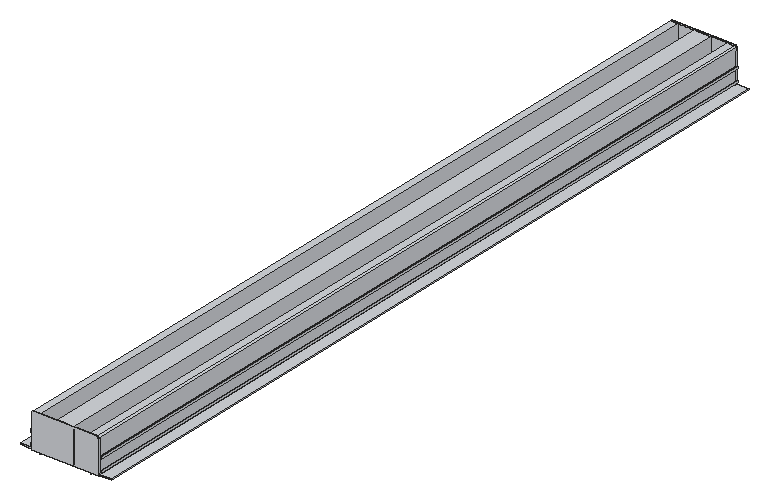
Revit family
Parameters
  URL = "http://www.anemostat.com/"
  Model = "FFBF-100"
  Manufacturer = "Anemostat"
  Length User Defined = 48"
  Duct Width = 4 5/16"
  Duct Length = Length User Defined + 1/4"  # 48 1/4"
  C = 5 1/2"
Reference planes (in)
  plane 1 "Center (Front/Back)": y = 0
  plane 2: z = 0
  plane 3 "Center (Left/Right)": x = 0
  plane 4: x = -2.75
  plane 5: x = 2.75
  plane 6 "Length": y = -48
  plane 7: y = -24
  plane 8: z = 2.053
  plane 9: x = -1.55
  plane 10: x = 1.55
  plane 11 "Face": z = -0.13
Forms (in)
  Extrusion 1, solid
    sketch origin (0, 0, 0) x (1, 0, 0) y (0, 0, 1)
      loop
        line (-2.75, 0) -> (-2.75, -0.031) -> (-1.55, -0.081) -> (-1.55, -0.13) -> (-1.5, -0.13) -> (-1.5, 0) -> (1.5, 0) -> (1.5, -0.13) -> (1.55, -0.13) -> (1.55, -0.08) -> (2.75, -0.031) -> (2.75, 0) -> (2.025, 0) -> (2.025, 0.122) -> (2.145, 0.122) -> (2.145, 0.234) -> (2.095, 0.234) -> (2.095, 0.172) -> (2.025, 0.172) -> (2.025, 0.927) -> (2.095, 0.927) -> (2.095, 0.865) -> (2.145, 0.865) -> (2.145, 0.97597) -> (2.025, 0.97597) -> (2.025, 1.96218) -> (1.93418, 2.053) -> (-1.93418, 2.053) -> (-2.02398, 1.9632) -> (-2.02398, 0.977) -> (-2.145, 0.977) -> (-2.145, 0.865) -> (-2.095, 0.865) -> (-2.095, 0.927) -> (-2.02398, 0.927) -> (-2.02398, 0.172) -> (-2.095, 0.172) -> (-2.095, 0.234) -> (-2.145, 0.234) -> (-2.145, 0.12078) -> (-2.02398, 0.12078) -> (-2.02398, 0) -> (-2.75, 0)
    from 0 to 48 <- "Length User Defined"
  Extrusion 2, solid
    sketch origin (0, 0, 0) x (1, 0, 0) y (0, 0, 1)
      loop
        line (-2.02398, -0.0606) -> (2.025, -0.0606) -> (2.025, 1.96218) -> (1.93418, 2.053) -> (-1.93418, 2.053) -> (-2.02398, 1.9632) -> (-2.02398, -0.0606)
    from 0 to -0.0625
  Extrusion 3, solid
    sketch origin (0, -48, 0) x (0, 0, 1) y (-1, 0, 0)
      loop
        line (-0.0606, -2.025) -> (1.96218, -2.025) -> (2.053, -1.93418) -> (2.053, 1.93418) -> (1.9632, 2.02398) -> (-0.0606, 2.02398) -> (-0.0606, -2.025)
    from 0 to 0.0625
  Extrusion 4, void
    sketch origin (0, 0, 0) x (1, 0, 0) y (0, 0, 1)
      loop
        line (0.5, 2.053) -> (0.5, 0) -> (1.5, 0) -> (1.5, 2.053) -> (0.5, 2.053)
      loop
        line (-0.5, 2.053) -> (-1.5, 2.053) -> (-1.5, 0) -> (-0.5, 0) -> (-0.5, 2.053)
    from 0 to 48 <- "Length User Defined"
Cuts and joins
  Extrusion 4 cuts Extrusion 1
  Extrusion 4 cuts Extrusion 2
  Extrusion 4 cuts Extrusion 3
Dimensions and locks (in)
  equal spacing: plane 5, plane 3 "Center (Left/Right)", plane 4
  "C": plane 5 to plane 4
  "Length User Defined": plane 1 "Center (Front/Back)" to plane 6 "Length"
  equal spacing: plane 1 "Center (Front/Back)", plane 7, plane 6 "Length"
  locked: plane 5 to plane 10 at 1.2
  locked: plane 9 to plane 4 at 1.2
Automatic sketch dimensions
  Extrusion 1 sketch curve to level = 0"  (x3)
  Extrusion 1 sketch curve to plane 4 = 0"
  Extrusion 1 sketch curve to plane 8 = 0"
  Extrusion 1 sketch curve to plane 9 = 0"
  Extrusion 1 sketch curve to plane 11 "Face" = 0"  (x2)
  Extrusion 1 sketch curve to plane 10 = 0"
  Extrusion 1 sketch curve to plane 5 = 0"
  Extrusion 1 sketch curve to plane 9 = 0.595"  (x2)
  level to Extrusion 1 sketch curve = 0.12078"
  Extrusion 1 sketch curve to Extrusion 1 sketch curve = 0.05"  (x7)
  Extrusion 1 sketch curve to Extrusion 1 sketch curve = 0.07102"  (x2)
  Extrusion 1 sketch curve to plane 8 = 0.0898"
  Extrusion 1 sketch curve to Extrusion 1 sketch curve = 0"  (x2)
  Extrusion 1 sketch curve to Extrusion 1 sketch curve = 0.0898"
  plane 9 to Extrusion 1 sketch curve = 0.05"
  Extrusion 1 sketch curve to plane 10 = 0.05"
  plane 10 to Extrusion 1 sketch curve = 0.38418"
  Extrusion 1 sketch curve to plane 8 = 0.09082"
  Extrusion 1 sketch curve to Extrusion 1 sketch curve = 0.09082"
  level to Extrusion 1 sketch curve = 0.122"
  plane 10 to Extrusion 1 sketch curve = 0.475"
  Extrusion 1 sketch curve to Extrusion 1 sketch curve = 0.07"  (x2)
  Extrusion 1 sketch curve to Extrusion 1 sketch curve = 0.049"
  Extrusion 1 sketch curve to level = 0.031"  (x2)
  Extrusion 1 sketch curve to Extrusion 1 sketch curve = 0.05122"
  Extrusion 1 sketch curve to Extrusion 1 sketch curve = 0.062"  (x4)
  Extrusion 1 sketch curve to Extrusion 1 sketch curve = 0.631"  (x2)
  Extrusion 1 sketch curve to Extrusion 1 sketch curve = 0.04897"
  Extrusion 2 sketch curve to plane 8 = 0"
  Extrusion 2 sketch curve to level = 0.0606"
  Extrusion 2 sketch curve to plane 9 = 0.47398"
  Extrusion 2 sketch curve to Extrusion 2 sketch curve = 0.0898"
  plane 10 to Extrusion 2 sketch curve = 0.38418"
  plane 10 to Extrusion 2 sketch curve = 0.475"
  Extrusion 2 sketch curve to plane 8 = 0.09082"
  Extrusion 2 sketch curve to plane 8 = 0.0898"
  Extrusion 3 sketch curve to plane 8 = 0"
  Extrusion 3 sketch curve to plane 8 = 0.0898"
  Extrusion 3 sketch curve to plane 8 = 0.09082"
  Extrusion 3 sketch curve to level = 0.0606"
  plane 10 to Extrusion 3 sketch curve = 0.475"
  Extrusion 3 sketch curve to Extrusion 3 sketch curve = 0.09082"
  Extrusion 3 sketch curve to plane 9 = 0.38418"
  Extrusion 3 sketch curve to plane 9 = 0.47398"
  Extrusion 4 sketch curve to plane 8 = 0"  (x2)
  Extrusion 4 sketch curve to level = 0"  (x2)
  plane 9 to Extrusion 4 sketch curve = 0.05"
  Extrusion 4 sketch curve to plane 3 "Center (Left/Right)" = 1/2"
  plane 3 "Center (Left/Right)" to Extrusion 4 sketch curve = 1/2"
  Extrusion 4 sketch curve to plane 10 = 0.05"
Connectors (in)
  hvac at (0, -24, 2.053), driven by "Duct Width", driven by "Duct Length"
    settings: on Extrusion 1, index 1
